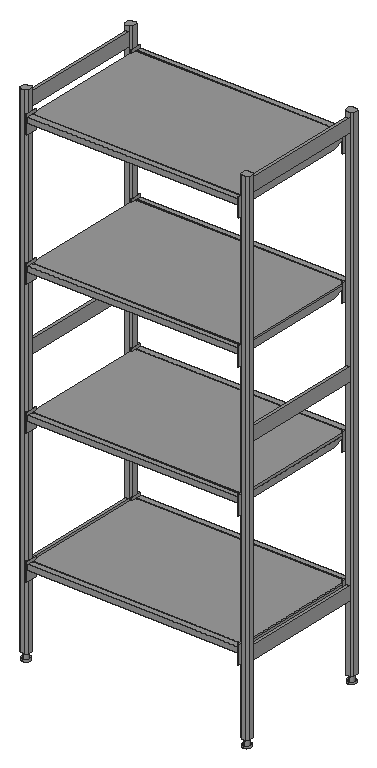
Revit family "QF_ELECTROLUXPROFESSIONAL_137030_BLS772", category Attrezzature speciali, Revit 2020
Family settings
  Quota connettore circolare = Usa diametro
  Tipo di parte = Normale
  Basato su piano di lavoro = No
  Sempre verticale = Sì
  Taglio con vuoti quando caricato = No
  Condiviso = No
  Punto di calcolo locali = No
Parameters (values of type "Standard")
  Weight = 17.00 kg
  Watts = 0 W
  Volts = 0 V
  URL Manufacturer = "https://www.electroluxprofessional.com/"
  URL = "https://www.electroluxprofessional.com/"
  Steam Supply Size = 0 mm
  Steam Supply Minimum Pressure = 0.0 Pa
  Steam Supply Maximum Pressure = 0.0 Pa
  Steam Consumption per Hour = 0
  Refrigeration Suction Line Size = 0.0 mm
  Refrigeration Liquid Line Size = 0.0 mm
  Refrigerant Compressor Remote = yes
  Prospetto di default = 0.0 mm
  Phase = 0
  Modello = "BLS772"
  Produttore = "Electrolux Professional"
  Length Actual = 772.0 mm  # constant formula
  Item Number = "137030"
  Hot Water Size = 0 mm
  Height Actual = 1700.0 mm  # constant formula
  HP = "0 HP"
  Gas Size = 0 mm
  Gas KW = 0
  Gas Input Pressure = 0 W
  Direct Waste Size = 0 mm
  Descrizione = "ALUM.LINEAR SHELV.-POLY.TIERS-475X772MM"
  Depth Actual = 475.0 mm  # constant formula
  Cycle = 0 Hz
  Condensate Return Size = 0 mm
  Compressed Air Volume = 0.0 L/s
  Compressed Air Size = 0 mm
  Compressed Air Pressure = 0.0 Pa
  Cold Water Size = 0 mm
  Accessory = yes
Reference planes
  plane 1: z = 0
  plane 2 "Center (Left/Right)": x = -31
  plane 3 "LEFT": x = -417
  plane 4 "RIGHT": x = 355
  plane 5 "BACK": y = 23
  plane 6 "FRONT": y = -452
  plane 7 "TOP": z = 1700
  plane 8: x = 350
  plane 9: x = -385
  plane 10: x = 323
  plane 11 "Center (Front/Back)": y = -214.5
  plane 12: x = 318
  plane 13: y = -8.5
  plane 14: y = -420.5
  plane 15 "FEET": z = 25
  plane 16: z = 275
  plane 17: z = 725
  plane 18: z = 1175
  plane 19: z = 1625
  plane 20 "CXLeft": x = -403
  plane 21 "CXRight": x = 341
  plane 22: y = 5.5
  plane 23 "CYBack": y = 5.5
  plane 24 "CYFront": y = -434.5
Forms (mm)
  Extrusion 1, solid, material "QF_Aluminum"
    sketch origin (-417, 0, 0) x (0, 1, 0) y (0, 0, 1)
      loop
        line (4, 1650.994) -> (4, 1632.998) -> (23, 1632.998) -> (23, 1650.994) -> (4, 1650.994)
      loop
        line (-433, 1650.994) -> (-452, 1650.994) -> (-452, 1632.998) -> (-433, 1632.998) -> (-433, 1650.994)
      loop
        line (4, 1200.994) -> (4, 1182.998) -> (23, 1182.998) -> (23, 1200.994) -> (4, 1200.994)
      loop
        line (-433, 1200.994) -> (-452, 1200.994) -> (-452, 1182.998) -> (-433, 1182.998) -> (-433, 1200.994)
      loop
        line (4, 750.994) -> (4, 732.998) -> (23, 732.998) -> (23, 750.994) -> (4, 750.994)
      loop
        line (-433, 750.994) -> (-452, 750.994) -> (-452, 732.998) -> (-433, 732.998) -> (-433, 750.994)
      loop
        line (4, 300.994) -> (4, 282.998) -> (23, 282.998) -> (23, 300.994) -> (4, 300.994)
      loop
        line (-433, 300.994) -> (-452, 300.994) -> (-452, 282.998) -> (-433, 282.998) -> (-433, 300.994)
    from 32 to 740
  Extrusion 2, solid, material "QF_Polyethylene"
    sketch origin (-417, 0, 0) x (0, 1, 0) y (0, 0, 1)
      loop
        line (2.007, 1650.994) -> (-431, 1650.994) -> (-431, 1644.496) -> (2.007, 1644.496) -> (2.007, 1650.994)
      loop
        line (2.007, 1200.994) -> (-431, 1200.994) -> (-431, 1194.496) -> (2.007, 1194.496) -> (2.007, 1200.994)
      loop
        line (2.007, 750.994) -> (-431, 750.994) -> (-431, 744.496) -> (2.007, 744.496) -> (2.007, 750.994)
      loop
        line (2.007, 300.994) -> (-431, 300.994) -> (-431, 294.496) -> (2.007, 294.496) -> (2.007, 300.994)
    from 32 to 740
  Extrusion 3, solid, material "QF_Aluminum"
    sketch origin (355, 0, 0) x (0, 1, 0) y (0, 0, 1)
      loop
        line (-12, 1632.998) -> (4, 1632.998) -> (4, 1650.994) -> (2.007, 1650.994) -> (2.007, 1644.496) -> (-431, 1644.496) -> (-431, 1650.994) -> (-433, 1650.994) -> (-433, 1632.998) -> (-417, 1632.998) -> (-383, 1620.994) -> (-46, 1620.994) -> (-12, 1632.998)
      loop
        line (-12, 1182.998) -> (4, 1182.998) -> (4, 1200.994) -> (2.007, 1200.994) -> (2.007, 1194.496) -> (-431, 1194.496) -> (-431, 1200.994) -> (-433, 1200.994) -> (-433, 1182.998) -> (-417, 1182.998) -> (-383, 1170.994) -> (-46, 1170.994) -> (-12, 1182.998)
      loop
        line (-12, 732.998) -> (4, 732.998) -> (4, 750.994) -> (2.007, 750.994) -> (2.007, 744.496) -> (-431, 744.496) -> (-431, 750.994) -> (-433, 750.994) -> (-433, 732.998) -> (-417, 732.998) -> (-383, 720.994) -> (-46, 720.994) -> (-12, 732.998)
      loop
        line (-12, 282.998) -> (4, 282.998) -> (4, 300.994) -> (2.007, 300.994) -> (2.007, 294.496) -> (-431, 294.496) -> (-431, 300.994) -> (-433, 300.994) -> (-433, 282.998) -> (-417, 282.998) -> (-383, 270.994) -> (-46, 270.994) -> (-12, 282.998)
    from -32 to -37
Lines and regions (mm)
  symbolic lines
    curve 1: line (323, 4, 1700) -> (-385, 4, 1700)
    curve 2: line (-389, 23, 1700) -> (327, 23, 1700)
    curve 3: line (327, 13.246, 1700) -> (333.254, 19.5, 1700)
    curve 4: line (333.254, -8.5, 1700) -> (327, -2.246, 1700)
    curve 5: line (333.254, -420.5, 1700) -> (327, -426.754, 1700)
    curve 6: line (-389, -452, 1700) -> (327, -452, 1700)
    curve 7: line (327, 23, 1700) -> (327, -12.993, 1700)
    curve 8: line (327, -12.993, 1700) -> (323, -12.993, 1700)
    curve 9: line (327, -452, 1700) -> (327, -416.007, 1700)
    curve 10: line (327, -416.007, 1700) -> (323, -416.007, 1700)
    curve 11: line (-385, -12.993, 1700) -> (-385, -416.007, 1700)
    curve 12: line (-385, -433, 1700) -> (323, -433, 1700)
    curve 13: line (323, -12.993, 1700) -> (323, -416.007, 1700)
Dimensions and locks
  locked: plane 3 "LEFT" to plane 4 "RIGHT" at 772
  equal spacing: plane 3 "LEFT", plane 2 "Center (Left/Right)", plane 4 "RIGHT"
  locked: plane 7 "TOP" to level at 1700
  locked: plane 5 "BACK" to plane 6 "FRONT" at 475
  locked: plane 4 "RIGHT" to plane 8 at 5
  locked: plane 9 to plane 10 at 708
  locked: plane 3 "LEFT" to plane 9 at 32
  plane 12 to plane 10 = 5.0 mm
  locked: plane 13 to plane 14 at 412
  equal spacing: plane 13, plane 11 "Center (Front/Back)", plane 14
  equal spacing: plane 5 "BACK", plane 11 "Center (Front/Back)", plane 6 "FRONT"
  plane 15 "FEET" to level = 25.0 mm
  plane 7 "TOP" to plane 15 "FEET" = 1675.0 mm
  plane 16 to plane 15 "FEET" = 250.0 mm
  plane 17 to plane 16 = 450.0 mm
  plane 18 to plane 17 = 450.0 mm
  plane 19 to plane 18 = 450.0 mm
  locked: plane 3 "LEFT" to plane 20 "CXLeft" at 14
  locked: plane 21 "CXRight" to plane 4 "RIGHT" at 14
  locked: plane 5 "BACK" to plane 23 "CYBack" at 17.5
  locked: plane 24 "CYFront" to plane 6 "FRONT" at 17.5
  aligned and locked: level to plane 1
  aligned and locked: plane 9 to Extrusion 2
  aligned and locked: Extrusion 2 to plane 10
  aligned and locked: plane 9 to Extrusion 1
  aligned and locked: Extrusion 1 to plane 10
  aligned and locked: Extrusion 1 sketch curve to Extrusion 1 sketch curve  (x2)
  aligned and locked: Extrusion 3 sketch curve to Extrusion 3 sketch curve  (x3)
  aligned and locked: Extrusion 3 to plane 12
  aligned and locked: Extrusion 3 to plane 10
  aligned and locked: nested 1 to plane 20 "CXLeft"
  aligned and locked: nested 2 to plane 21 "CXRight"
Automatic sketch dimensions
  Extrusion 1 sketch curve to plane 6 "FRONT" = 0.0 mm  (x4)
  Extrusion 1 sketch curve to plane 5 "BACK" = 0.0 mm  (x4)
  plane 24 "CYFront" to Extrusion 1 sketch curve = 1.5 mm  (x2)
  plane 22 to Extrusion 1 sketch curve = 1.5 mm  (x4)
  plane 16 to Extrusion 1 sketch curve = 7.998 mm  (x2)
  Extrusion 1 sketch curve to Extrusion 1 sketch curve = 17.997 mm  (x8)
  plane 17 to Extrusion 1 sketch curve = 7.998 mm  (x2)
  plane 18 to Extrusion 1 sketch curve = 7.998 mm  (x2)
  plane 19 to Extrusion 1 sketch curve = 7.998 mm  (x2)
  plane 24 "CYFront" to Extrusion 2 sketch curve = 3.5 mm  (x4)
  plane 22 to Extrusion 2 sketch curve = 3.493 mm  (x4)
  plane 16 to Extrusion 2 sketch curve = 19.496 mm
  Extrusion 2 sketch curve to Extrusion 2 sketch curve = 6.499 mm  (x4)
  plane 17 to Extrusion 2 sketch curve = 19.496 mm
  plane 18 to Extrusion 2 sketch curve = 19.496 mm
  plane 19 to Extrusion 2 sketch curve = 19.496 mm
  plane 24 "CYFront" to Extrusion 3 sketch curve = 1.5 mm  (x4)
  Extrusion 3 sketch curve to Extrusion 3 sketch curve = 2.0 mm
  plane 14 to Extrusion 3 sketch curve = 3.5 mm  (x4)
  Extrusion 3 sketch curve to plane 16 = 4.006 mm
  Extrusion 3 sketch curve to Extrusion 3 sketch curve = 34.0 mm  (x4)
  Extrusion 3 sketch curve to plane 17 = 4.006 mm
  Extrusion 3 sketch curve to plane 18 = 4.006 mm
  Extrusion 3 sketch curve to plane 19 = 4.006 mm
  Extrusion 3 sketch curve to plane 13 = 37.5 mm  (x4)
  Extrusion 3 sketch curve to plane 13 = 3.5 mm  (x4)
  plane 22 to Extrusion 3 sketch curve = 3.493 mm  (x4)
  plane 22 to Extrusion 3 sketch curve = 1.5 mm  (x4)
  plane 16 to Extrusion 3 sketch curve = 7.998 mm  (x2)
  Extrusion 3 sketch curve to Extrusion 3 sketch curve = 11.498 mm  (x4)
  Extrusion 3 sketch curve to Extrusion 3 sketch curve = 6.499 mm  (x8)
  plane 17 to Extrusion 3 sketch curve = 7.998 mm  (x2)
  plane 18 to Extrusion 3 sketch curve = 7.998 mm  (x2)
  plane 19 to Extrusion 3 sketch curve = 7.998 mm  (x2)
  curve 6 to plane 6 "FRONT" = 0.0 mm
  curve 12 to plane 9 = 0.0 mm
  curve 12 to plane 10 = 0.0 mm
  curve 5 to plane 14 = 0.0 mm
  curve 11 to plane 9 = 0.0 mm
  curve 8 to plane 10 = 0.0 mm
  curve 4 to plane 13 = 0.0 mm
  curve 1 to plane 9 = 0.0 mm
  curve 1 to plane 10 = 0.0 mm
  curve 2 to plane 5 "BACK" = 0.0 mm
  plane 14 to curve 10 = 4.493 mm
  curve 7 to plane 13 = 4.493 mm
  curve 10 to plane 10 = 4.0 mm
  curve 7 to plane 10 = 4.0 mm
  plane 24 "CYFront" to curve 12 = 1.5 mm
  curve 5 to plane 14 = 6.254 mm
  plane 14 to curve 11 = 4.493 mm
  curve 11 to plane 13 = 4.493 mm
  plane 13 to curve 4 = 6.254 mm
  plane 22 to curve 1 = 1.5 mm
  curve 3 to plane 22 = 7.746 mm
  curve 3 to plane 5 "BACK" = 3.5 mm
  curve 5 to curve 9 = 6.254 mm
  curve 3 to curve 2 = 6.254 mm
  curve 4 to curve 7 = 6.254 mm
  plane 9 to curve 2 = 4.0 mm
  plane 9 to curve 6 = 4.0 mm
Nested families
  nested 1: "WT_Anta475" at (0, 0, 0), type "WT_Anta475"
  nested 2: "WT_Anta475" at (-62, 0, 0) x (-1, 0, 0) z (0, 0, 1), type "WT_Anta475"
Definition of nested family "WT_Anta475"
  Parameters
    WidthLeft = A + 64.0 mm  # 772.0 mm
    Width = 1606.0 mm
    Right = WidthLeft / 2  # 386.0 mm
    Default Elevation = 0.0 mm
    Left = -WidthLeft / 2  # -386.0 mm
    Height = 1725.0 mm
    FEET = 25.0 mm
    E = 0.0 mm
    Dint = Depth - 63.0 mm  # 412.0 mm
    Dext = Depth - 8.0 mm  # 467.0 mm
    Depth = 475.0 mm
    DX = (WidthLeft - A) / 2  # 32.0 mm
    B = 798.0 mm
    A = 708.0 mm
  Reference planes
    plane 1: z = 0
    plane 2 "LEFT": x = -417
    plane 3 "BACK": y = 23
    plane 4 "FRONT": y = -452
    plane 5 "TOP": z = 1725
    plane 6 "Center (Front/Back)": y = -214.5
    plane 7: y = -8.5
    plane 8: y = -420.5
    plane 9 "FEET": z = 25
    plane 10: z = 275
    plane 11: z = 725
    plane 12: z = 1175
    plane 13: z = 1625
    plane 14 "CXLeft": x = -403
    plane 15: y = 5.5
    plane 16 "CYBack": y = 5.5
    plane 17 "CYFront": y = -434.5
    plane 18: x = -385.031
    plane 19: x = -380.031
  Forms (mm)
    Extrusion 1, solid
      sketch origin (0, 0, 0) x (1, 0, 0) y (0, 1, 0)
        loop
          line (-417, 13.246) -> (-417, -2.246) -> (-410.746, -8.5) -> (-395.254, -8.5) -> (-389, -2.246) -> (-389, 13.246) -> (-395.254, 19.5) -> (-410.746, 19.5) -> (-417, 13.246)
      from 1725 to 25
    Extrusion 2, solid
      sketch origin (-417, 0, 0) x (0, 1, 0) y (0, 0, 1)
        loop
          line (23, 246.005) -> (23, 307.993) -> (-12.993, 307.993) -> (-12.993, 246.005) -> (23, 246.005)
        loop
          line (-452, 246.005) -> (-416.007, 246.005) -> (-416.007, 307.993) -> (-452, 307.993) -> (-452, 246.005)
        loop
          line (23, 696.005) -> (23, 757.993) -> (-12.993, 757.993) -> (-12.993, 696.005) -> (23, 696.005)
        loop
          line (-452, 696.005) -> (-416.007, 696.005) -> (-416.007, 757.993) -> (-452, 757.993) -> (-452, 696.005)
        loop
          line (23, 1146.005) -> (23, 1207.993) -> (-12.993, 1207.993) -> (-12.993, 1146.005) -> (23, 1146.005)
        loop
          line (-452, 1146.005) -> (-416.007, 1146.005) -> (-416.007, 1207.993) -> (-452, 1207.993) -> (-452, 1146.005)
        loop
          line (23, 1596.005) -> (23, 1657.993) -> (-12.993, 1657.993) -> (-12.993, 1596.005) -> (23, 1596.005)
        loop
          line (-452, 1596.005) -> (-416.007, 1596.005) -> (-416.007, 1657.993) -> (-452, 1657.993) -> (-452, 1596.005)
      from 28 to 32
    Revolve 3, solid
      sketch origin (-403, 0, 0) x (0, 1, 0) y (0, 0, 1)
        loop
          line (5.5, 25) -> (5.5, 0) -> (19, 0) -> (19, 5) -> (14, 5) -> (14, 25) -> (5.5, 25)
        axis (5.5, 25) -> (5.5, 0)
      angle from 0 to 360
    Extrusion 4, solid
      sketch origin (-403, 0, 0) x (0, 1, 0) y (0, 0, 1)
        loop
          line (-8.5, 912.382) -> (-8.5, 957.374) -> (-420.5, 957.374) -> (-420.5, 912.382) -> (-8.5, 912.382)
        loop
          line (-8.5, 1662.244) -> (-8.5, 1707.236) -> (-420.5, 1707.236) -> (-420.5, 1662.244) -> (-8.5, 1662.244)
      from -5 to 5
    Revolve 5, solid
      sketch origin (-403, -627, 0) x (0, -1, 0) y (0, 0, 1)
        loop
          line (-192.5, 25) -> (-192.5, 0) -> (-179, 0) -> (-179, 5) -> (-184, 5) -> (-184, 25) -> (-192.5, 25)
        axis (-192.5, 25) -> (-192.5, 0)
      angle from 0 to 360
    Extrusion 6, solid
      sketch origin (0, -627, 0) x (1, 0, 0) y (0, 1, 0)
        loop
          line (-417, 184.754) -> (-410.746, 178.5) -> (-395.254, 178.5) -> (-389, 184.754) -> (-389, 200.246) -> (-395.254, 206.5) -> (-410.746, 206.5) -> (-417, 200.246) -> (-417, 184.754)
      from 1725 to 25
    Extrusion 7, solid
      sketch origin (-417.031, -0.022, 0) x (0, 1, 0) y (0, 0, -1)
        loop
          line (-12, -1632.998) -> (-46, -1620.994) -> (-383, -1620.994) -> (-417, -1632.998) -> (-433, -1632.998) -> (-433, -1650.994) -> (-431, -1650.994) -> (-431, -1644.496) -> (2.007, -1644.496) -> (2.007, -1650.994) -> (4, -1650.994) -> (4, -1632.998) -> (-12, -1632.998)
        loop
          line (-12, -1182.998) -> (-46, -1170.994) -> (-383, -1170.994) -> (-417, -1182.998) -> (-433, -1182.998) -> (-433, -1200.994) -> (-431, -1200.994) -> (-431, -1194.496) -> (2.007, -1194.496) -> (2.007, -1200.994) -> (4, -1200.994) -> (4, -1182.998) -> (-12, -1182.998)
        loop
          line (-12, -732.998) -> (-46, -720.994) -> (-383, -720.994) -> (-417, -732.998) -> (-433, -732.998) -> (-433, -750.994) -> (-431, -750.994) -> (-431, -744.496) -> (2.007, -744.496) -> (2.007, -750.994) -> (4, -750.994) -> (4, -732.998) -> (-12, -732.998)
        loop
          line (-12, -282.998) -> (-46, -270.994) -> (-383, -270.994) -> (-417, -282.998) -> (-433, -282.998) -> (-433, -300.994) -> (-431, -300.994) -> (-431, -294.496) -> (2.007, -294.496) -> (2.007, -300.994) -> (4, -300.994) -> (4, -282.998) -> (-12, -282.998)
      from -32 to -37
    Extrusion 8, solid
      sketch origin (-403, 0, -659.878) x (0, 1, 0) y (0, 0, 1)
        loop
          line (-8.5, 912.382) -> (-8.5, 957.374) -> (-420.5, 957.374) -> (-420.5, 912.382) -> (-8.5, 912.382)
        loop
          line (-8.5, 1572.382) -> (-8.5, 1617.374) -> (-420.5, 1617.374) -> (-420.5, 1572.382) -> (-8.5, 1572.382)
        loop
          line (-8.5, 2322.382) -> (-8.5, 2367.374) -> (-420.5, 2367.374) -> (-420.5, 2322.382) -> (-8.5, 2322.382)
      from -5 to 5
  Lines and regions (mm)
    symbolic lines
      curve 1: line (-408, -8.5, 1725) -> (-408, -420.5, 1725)
      curve 2: line (-398, -420.5, 1725) -> (-398, -8.5, 1725)
      curve 3: line (-395.254, -8.5, 1725) -> (-410.746, -8.5, 1725)
      curve 4: line (-417, -2.246, 1725) -> (-410.746, -8.5, 1725)
      curve 5: line (-417, 13.246, 1725) -> (-417, -2.246, 1725)
      curve 6: line (-410.746, 19.5, 1725) -> (-417, 13.246, 1725)
      curve 7: line (-395.254, 19.5, 1725) -> (-410.746, 19.5, 1725)
      curve 8: line (-389, 13.246, 1725) -> (-395.254, 19.5, 1725)
      curve 9: line (-395.254, -8.5, 1725) -> (-389, -2.246, 1725)
      curve 10: line (-395.254, -420.5, 1725) -> (-410.746, -420.5, 1725)
      curve 11: line (-417, -426.754, 1725) -> (-410.746, -420.5, 1725)
      curve 12: line (-410.746, -448.5, 1725) -> (-417, -442.246, 1725)
      curve 13: line (-395.254, -448.5, 1725) -> (-410.746, -448.5, 1725)
      curve 14: line (-389, -442.246, 1725) -> (-395.254, -448.5, 1725)
      curve 15: line (-395.254, -420.5, 1725) -> (-389, -426.754, 1725)
      curve 16: line (-389, -452, 1725) -> (-389, -416.007, 1725)
      curve 17: line (-389, -416.007, 1725) -> (-385, -416.007, 1725)
      curve 18: line (-389, 23, 1725) -> (-389, -12.993, 1725)
      curve 19: line (-389, -12.993, 1725) -> (-385, -12.993, 1725)
      curve 20: line (-417, -426.754, 1725) -> (-417, -442.246, 1725)
      curve 21: line (-385, -452, 1725) -> (-385, -416.007, 1725)
      curve 22: line (-385, -452, 1725) -> (-389, -452, 1725)
      curve 23: line (-385, 23, 1725) -> (-389, 23, 1725)
      curve 24: line (-385, -12.993, 1725) -> (-385, 23, 1725)
      curve 25: line (-385.031, -13.016, 1725) -> (-385.031, -416.029, 1725)
  Dimensions and locks
    "Height": plane 5 "TOP" to level
    "Depth": plane 3 "BACK" to plane 4 "FRONT"
    "Dint": plane 7 to plane 8
    equal spacing: plane 7, plane 6 "Center (Front/Back)", plane 8
    equal spacing: plane 3 "BACK", plane 6 "Center (Front/Back)", plane 4 "FRONT"
    plane 9 "FEET" to level = 25.0 mm
    plane 5 "TOP" to plane 9 "FEET" = 1700.0 mm
    plane 10 to plane 9 "FEET" = 250.0 mm
    plane 11 to plane 10 = 450.0 mm
    plane 12 to plane 11 = 450.0 mm
    plane 13 to plane 12 = 450.0 mm
    locked: plane 2 "LEFT" to plane 14 "CXLeft" at 14
    locked: plane 3 "BACK" to plane 16 "CYBack" at 17.5
    locked: plane 17 "CYFront" to plane 4 "FRONT" at 17.5
    locked: Revolve 3 sketch curve to Revolve 3 sketch curve at 8.5
    locked: Revolve 3 sketch curve to plane 16 "CYBack" at 13.5
    locked: Revolve 5 sketch curve to Revolve 5 sketch curve at 8.5
    aligned and locked: level to plane 1
    aligned and locked: curve 20 to Extrusion 6
    aligned and locked: plane 5 "TOP" to Extrusion 1
    aligned and locked: plane 5 "TOP" to Extrusion 6
    aligned and locked: Extrusion 7 sketch curve to Extrusion 7 sketch curve  (x3)
  Automatic sketch dimensions
    curve 16 to plane 4 "FRONT" = 0.0 mm
    curve 11 to plane 8 = 0.0 mm
    curve 9 to plane 7 = 0.0 mm
    curve 5 to plane 2 "LEFT" = 0.0 mm
    curve 23 to plane 3 "BACK" = 0.0 mm
    plane 4 "FRONT" to curve 13 = 3.5 mm
    curve 20 to plane 17 "CYFront" = 7.746 mm
    curve 20 to plane 8 = 6.254 mm
    plane 8 to curve 16 = 4.493 mm
    curve 24 to plane 18 = 0.031 mm
    curve 24 to plane 7 = 4.493 mm
    plane 7 to curve 5 = 6.254 mm
    curve 5 to plane 15 = 7.746 mm
    curve 6 to plane 3 "BACK" = 3.5 mm
    curve 21 to plane 18 = 0.031 mm
    plane 18 to curve 23 = 3.969 mm
    plane 18 to curve 16 = 3.969 mm
    curve 18 to curve 8 = 6.254 mm
    curve 18 to curve 3 = 6.254 mm
    curve 16 to curve 13 = 6.254 mm
    curve 16 to curve 15 = 6.254 mm
    plane 2 "LEFT" to curve 10 = 6.254 mm
    plane 2 "LEFT" to curve 7 = 6.254 mm
    plane 2 "LEFT" to curve 12 = 6.254 mm
    plane 2 "LEFT" to curve 3 = 6.254 mm
    curve 14 to plane 17 "CYFront" = 7.746 mm
    curve 15 to plane 8 = 6.254 mm
    plane 7 to curve 9 = 6.254 mm
    curve 8 to plane 15 = 7.746 mm
    curve 3 to curve 2 = 2.746 mm
    curve 1 to curve 10 = 2.746 mm
    Extrusion 1 sketch curve to plane 2 "LEFT" = 0.0 mm
    Extrusion 1 sketch curve to plane 7 = 0.0 mm
    plane 2 "LEFT" to Extrusion 1 sketch curve = 6.254 mm  (x2)
    plane 14 "CXLeft" to Extrusion 1 sketch curve = 7.746 mm  (x2)
    Extrusion 1 sketch curve to plane 3 "BACK" = 3.5 mm
    plane 18 to Extrusion 1 sketch curve = 3.969 mm
    plane 7 to Extrusion 1 sketch curve = 6.254 mm  (x2)
    Extrusion 1 sketch curve to plane 15 = 7.746 mm  (x2)
    Extrusion 2 sketch curve to plane 4 "FRONT" = 0.0 mm  (x4)
    Extrusion 2 sketch curve to plane 3 "BACK" = 0.0 mm  (x4)
    plane 8 to Extrusion 2 sketch curve = 4.493 mm  (x4)
    Extrusion 2 sketch curve to plane 7 = 4.493 mm  (x4)
    Extrusion 2 sketch curve to plane 10 = 28.995 mm  (x2)
    plane 10 to Extrusion 2 sketch curve = 32.993 mm  (x2)
    Extrusion 2 sketch curve to plane 11 = 28.995 mm  (x2)
    plane 11 to Extrusion 2 sketch curve = 32.993 mm  (x2)
    Extrusion 2 sketch curve to plane 12 = 28.995 mm  (x2)
    plane 12 to Extrusion 2 sketch curve = 32.993 mm  (x2)
    Extrusion 2 sketch curve to plane 13 = 28.995 mm  (x2)
    plane 13 to Extrusion 2 sketch curve = 32.993 mm  (x2)
    Revolve 3 sketch curve to plane 9 "FEET" = 0.0 mm  (x2)
    Revolve 3 sketch curve to plane 15 = 0.0 mm  (x2)
    Revolve 3 sketch curve to level = 0.0 mm
    level to Revolve 3 sketch curve = 5.0 mm
    Revolve 3 sketch curve to Revolve 3 sketch curve = 11.655 mm
    Extrusion 4 sketch curve to plane 8 = 0.0 mm  (x2)
    Extrusion 4 sketch curve to plane 7 = 0.0 mm  (x2)
    plane 11 to Extrusion 4 sketch curve = 187.382 mm
    Extrusion 4 sketch curve to Extrusion 4 sketch curve = 44.992 mm
    plane 13 to Extrusion 4 sketch curve = 37.244 mm
    Extrusion 4 sketch curve to plane 5 "TOP" = 17.764 mm
    Revolve 5 sketch curve to plane 9 "FEET" = 0.0 mm  (x2)
    Revolve 5 sketch curve to plane 17 "CYFront" = 0.0 mm  (x2)
    Revolve 5 sketch curve to level = 0.0 mm
    Revolve 5 sketch curve to plane 4 "FRONT" = 4.0 mm
    Revolve 5 sketch curve to Revolve 5 sketch curve = 5.0 mm
    level to Revolve 5 sketch curve = 11.655 mm
    Extrusion 6 sketch curve to plane 2 "LEFT" = 0.0 mm
    Extrusion 6 sketch curve to plane 8 = 0.0 mm
    Extrusion 6 sketch curve to plane 2 "LEFT" = 6.254 mm  (x2)
    Extrusion 6 sketch curve to plane 14 "CXLeft" = 7.746 mm  (x2)
    Extrusion 6 sketch curve to plane 4 "FRONT" = 3.5 mm
    Extrusion 6 sketch curve to plane 18 = 3.969 mm
    plane 8 to Extrusion 6 sketch curve = 6.254 mm  (x2)
    plane 17 "CYFront" to Extrusion 6 sketch curve = 7.746 mm  (x2)
    plane 17 "CYFront" to Extrusion 7 sketch curve = 1.478 mm  (x4)
    Extrusion 7 sketch curve to Extrusion 7 sketch curve = 2.0 mm
    plane 8 to Extrusion 7 sketch curve = 3.478 mm  (x4)
    Extrusion 7 sketch curve to plane 10 = 4.006 mm
    Extrusion 7 sketch curve to Extrusion 7 sketch curve = 34.0 mm  (x4)
    Extrusion 7 sketch curve to plane 11 = 4.006 mm
    Extrusion 7 sketch curve to plane 12 = 4.006 mm
    Extrusion 7 sketch curve to plane 13 = 4.006 mm
    Extrusion 7 sketch curve to plane 7 = 37.522 mm  (x4)
    Extrusion 7 sketch curve to plane 7 = 3.522 mm  (x4)
    plane 15 to Extrusion 7 sketch curve = 3.516 mm  (x4)
    plane 15 to Extrusion 7 sketch curve = 1.522 mm  (x4)
    plane 13 to Extrusion 7 sketch curve = 7.998 mm  (x2)
    Extrusion 7 sketch curve to Extrusion 7 sketch curve = 11.498 mm
    Extrusion 7 sketch curve to Extrusion 7 sketch curve = 6.499 mm  (x5)
    plane 12 to Extrusion 7 sketch curve = 25.994 mm  (x2)
    plane 12 to Extrusion 7 sketch curve = 7.998 mm  (x2)
    plane 11 to Extrusion 7 sketch curve = 25.994 mm  (x2)
    plane 11 to Extrusion 7 sketch curve = 7.998 mm  (x2)
    plane 10 to Extrusion 7 sketch curve = 25.994 mm  (x2)
    plane 10 to Extrusion 7 sketch curve = 7.998 mm  (x2)
    curve 25 to plane 18 = 0.0 mm
    plane 8 to curve 25 = 4.471 mm
    curve 25 to plane 7 = 4.516 mm
    Extrusion 8 sketch curve to plane 8 = 0.0 mm  (x3)
    Extrusion 8 sketch curve to plane 7 = 0.0 mm  (x3)
    Extrusion 8 sketch curve to plane 10 = 22.496 mm
    plane 10 to Extrusion 8 sketch curve = 22.496 mm
    plane 11 to Extrusion 8 sketch curve = 187.504 mm
    Extrusion 8 sketch curve to Extrusion 8 sketch curve = 44.992 mm
    plane 13 to Extrusion 8 sketch curve = 37.504 mm
    Extrusion 8 sketch curve to plane 5 "TOP" = 17.504 mm
